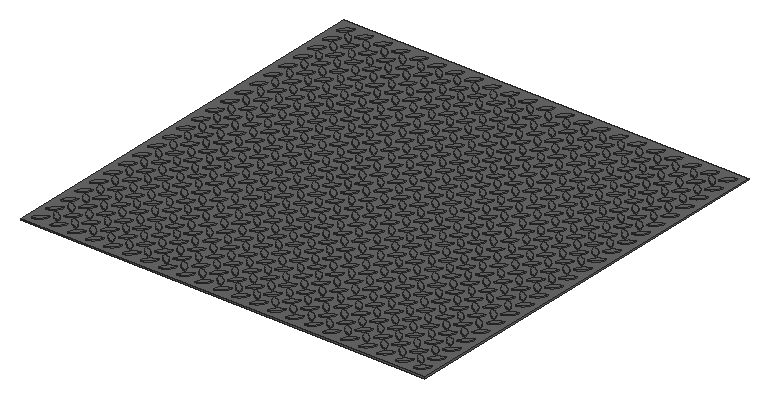
Revit family "141012021113804", category Modelos genéricos, Revit 2018 (continued)
Forms (mm)
  Blend 61, solid, material "Goma negro" <- "Material", detail levels fine
    base sketch origin (1413.494, -61.055, 0) x (-0.707107, -0.707107, 0) y (0.707107, -0.707107, 0)
      loop
        arc (792.83, -324.327) -> (793.684, -324.773) -> (794.539, -324.327) r 1.041
        arc (794.539, -324.327) -> (799.889, -307.273) -> (794.539, -290.22) r 29.852
        arc (794.539, -290.22) -> (793.684, -289.773) -> (792.83, -290.22) r 1.041
    top sketch origin (1413.494, -61.055, 0) x (-0.707107, -0.707107, 0) y (0.707107, -0.707107, 0)
      loop
        arc (792.83, -290.22) -> (787.479, -307.273) -> (792.83, -324.327) r 29.852
        arc (792.83, -324.327) -> (793.684, -324.773) -> (794.539, -324.327) r 1.041
        arc (794.539, -324.327) -> (799.889, -307.273) -> (794.539, -290.22) r 29.852
        arc (794.539, -290.22) -> (793.684, -289.773) -> (792.83, -290.22) r 1.041
    from 0 to 1
  Blend 62, solid, material "Goma negro" <- "Material", detail levels fine
    base sketch origin (223.555, 350.994, 0) x (0.707107, -0.707107, 0) y (0.707107, 0.707107, 0)
      loop
        arc (792.83, -290.22) -> (787.479, -307.273) -> (792.83, -324.327) r 29.852
        arc (792.83, -324.327) -> (793.684, -324.773) -> (794.539, -324.327) r 1.041
        arc (794.539, -324.327) -> (799.889, -307.273) -> (794.539, -290.22) r 29.852
        arc (794.539, -290.22) -> (793.684, -289.773) -> (792.83, -290.22) r 1.041
    top sketch origin (223.555, 350.994, 0) x (0.707107, -0.707107, 0) y (0.707107, 0.707107, 0)
      loop
        arc (792.83, -290.22) -> (787.479, -307.273) -> (792.83, -324.327) r 29.852
        arc (792.83, -324.327) -> (793.684, -324.773) -> (794.539, -324.327) r 1.041
        arc (794.539, -324.327) -> (799.889, -307.273) -> (794.539, -290.22) r 29.852
        arc (794.539, -290.22) -> (793.684, -289.773) -> (792.83, -290.22) r 1.041
    from 0 to 1
  Blend 63, solid, material "Goma negro" <- "Material", detail levels fine
    base sketch origin (1368.494, -61.055, 0) x (-0.707107, -0.707107, 0) y (0.707107, -0.707107, 0)
      loop
        arc (792.83, -290.22) -> (787.479, -307.273) -> (792.83, -324.327) r 29.852
        arc (792.83, -324.327) -> (793.684, -324.773) -> (794.539, -324.327) r 1.041
        arc (794.539, -324.327) -> (799.889, -307.273) -> (794.539, -290.22) r 29.852
        arc (794.539, -290.22) -> (793.684, -289.773) -> (792.83, -290.22) r 1.041
    top sketch origin (1368.494, -61.055, 0) x (-0.707107, -0.707107, 0) y (0.707107, -0.707107, 0)
      loop
        arc (792.83, -290.22) -> (787.479, -307.273) -> (792.83, -324.327) r 29.852
        arc (792.83, -324.327) -> (793.684, -324.773) -> (794.539, -324.327) r 1.041
        arc (794.539, -324.327) -> (799.889, -307.273) -> (794.539, -290.22) r 29.852
        arc (794.539, -290.22) -> (793.684, -289.773) -> (792.83, -290.22) r 1.041
    from 0 to 1
  Blend 64, solid, material "Goma negro" <- "Material", detail levels fine
    base sketch origin (178.555, 350.994, 0) x (0.707107, -0.707107, 0) y (0.707107, 0.707107, 0)
      loop
        arc (792.83, -290.22) -> (787.479, -307.273) -> (792.83, -324.327) r 29.852
        arc (792.83, -324.327) -> (793.684, -324.773) -> (794.539, -324.327) r 1.041
        arc (794.539, -324.327) -> (799.889, -307.273) -> (794.539, -290.22) r 29.852
        arc (794.539, -290.22) -> (793.684, -289.773) -> (792.83, -290.22) r 1.041
    top sketch origin (178.555, 350.994, 0) x (0.707107, -0.707107, 0) y (0.707107, 0.707107, 0)
      loop
        arc (792.83, -290.22) -> (787.479, -307.273) -> (792.83, -324.327) r 29.852
        arc (792.83, -324.327) -> (793.684, -324.773) -> (794.539, -324.327) r 1.041
        arc (794.539, -324.327) -> (799.889, -307.273) -> (794.539, -290.22) r 29.852
        arc (794.539, -290.22) -> (793.684, -289.773) -> (792.83, -290.22) r 1.041
    from 0 to 1
  Blend 65, solid, material "Goma negro" <- "Material", detail levels fine
    base sketch origin (1323.494, -61.055, 0) x (-0.707107, -0.707107, 0) y (0.707107, -0.707107, 0)
      loop
        arc (792.83, -290.22) -> (787.479, -307.273) -> (792.83, -324.327) r 29.852
        arc (792.83, -324.327) -> (793.684, -324.773) -> (794.539, -324.327) r 1.041
        arc (794.539, -324.327) -> (799.889, -307.273) -> (794.539, -290.22) r 29.852
        arc (794.539, -290.22) -> (793.684, -289.773) -> (792.83, -290.22) r 1.041
    top sketch origin (1323.494, -61.055, 0) x (-0.707107, -0.707107, 0) y (0.707107, -0.707107, 0)
      loop
        arc (792.83, -290.22) -> (787.479, -307.273) -> (792.83, -324.327) r 29.852
        arc (792.83, -324.327) -> (793.684, -324.773) -> (794.539, -324.327) r 1.041
        arc (794.539, -324.327) -> (799.889, -307.273) -> (794.539, -290.22) r 29.852
        arc (794.539, -290.22) -> (793.684, -289.773) -> (792.83, -290.22) r 1.041
    from 0 to 1
  Blend 66, solid, material "Goma negro" <- "Material", detail levels fine
    base sketch origin (133.555, 350.994, 0) x (0.707107, -0.707107, 0) y (0.707107, 0.707107, 0)
      loop
        arc (792.83, -290.22) -> (787.479, -307.273) -> (792.83, -324.327) r 29.852
        arc (792.83, -324.327) -> (793.684, -324.773) -> (794.539, -324.327) r 1.041
        arc (794.539, -324.327) -> (799.889, -307.273) -> (794.539, -290.22) r 29.852
        arc (794.539, -290.22) -> (793.684, -289.773) -> (792.83, -290.22) r 1.041
    top sketch origin (133.555, 350.994, 0) x (0.707107, -0.707107, 0) y (0.707107, 0.707107, 0)
      loop
        arc (792.83, -290.22) -> (787.479, -307.273) -> (792.83, -324.327) r 29.852
        arc (792.83, -324.327) -> (793.684, -324.773) -> (794.539, -324.327) r 1.041
        arc (794.539, -324.327) -> (799.889, -307.273) -> (794.539, -290.22) r 29.852
        arc (794.539, -290.22) -> (793.684, -289.773) -> (792.83, -290.22) r 1.041
    from 0 to 1
  Blend 67, solid, material "Goma negro" <- "Material", detail levels fine
    base sketch origin (1278.494, -61.055, 0) x (-0.707107, -0.707107, 0) y (0.707107, -0.707107, 0)
      loop
        arc (792.83, -290.22) -> (787.479, -307.273) -> (792.83, -324.327) r 29.852
        arc (792.83, -324.327) -> (793.684, -324.773) -> (794.539, -324.327) r 1.041
        arc (794.539, -324.327) -> (799.889, -307.273) -> (794.539, -290.22) r 29.852
        arc (794.539, -290.22) -> (793.684, -289.773) -> (792.83, -290.22) r 1.041
    top sketch origin (1278.494, -61.055, 0) x (-0.707107, -0.707107, 0) y (0.707107, -0.707107, 0)
      loop
        arc (792.83, -290.22) -> (787.479, -307.273) -> (792.83, -324.327) r 29.852
        arc (792.83, -324.327) -> (793.684, -324.773) -> (794.539, -324.327) r 1.041
        arc (794.539, -324.327) -> (799.889, -307.273) -> (794.539, -290.22) r 29.852
        arc (794.539, -290.22) -> (793.684, -289.773) -> (792.83, -290.22) r 1.041
    from 0 to 1
  Blend 68, solid, material "Goma negro" <- "Material", detail levels fine
    base sketch origin (88.555, 350.994, 0) x (0.707107, -0.707107, 0) y (0.707107, 0.707107, 0)
      loop
        arc (792.83, -290.22) -> (787.479, -307.273) -> (792.83, -324.327) r 29.852
        arc (792.83, -324.327) -> (793.684, -324.773) -> (794.539, -324.327) r 1.041
        arc (794.539, -324.327) -> (799.889, -307.273) -> (794.539, -290.22) r 29.852
        arc (794.539, -290.22) -> (793.684, -289.773) -> (792.83, -290.22) r 1.041
    top sketch origin (88.555, 350.994, 0) x (0.707107, -0.707107, 0) y (0.707107, 0.707107, 0)
      loop
        arc (792.83, -290.22) -> (787.479, -307.273) -> (792.83, -324.327) r 29.852
        arc (792.83, -324.327) -> (793.684, -324.773) -> (794.539, -324.327) r 1.041
        arc (794.539, -324.327) -> (799.889, -307.273) -> (794.539, -290.22) r 29.852
        arc (794.539, -290.22) -> (793.684, -289.773) -> (792.83, -290.22) r 1.041
    from 0 to 1
  Blend 69, solid, material "Goma negro" <- "Material", detail levels fine
    base sketch origin (1233.494, -61.055, 0) x (-0.707107, -0.707107, 0) y (0.707107, -0.707107, 0)
      loop
        arc (792.83, -290.22) -> (787.479, -307.273) -> (792.83, -324.327) r 29.852
        arc (792.83, -324.327) -> (793.684, -324.773) -> (794.539, -324.327) r 1.041
        arc (794.539, -324.327) -> (799.889, -307.273) -> (794.539, -290.22) r 29.852
        arc (794.539, -290.22) -> (793.684, -289.773) -> (792.83, -290.22) r 1.041
    top sketch origin (1233.494, -61.055, 0) x (-0.707107, -0.707107, 0) y (0.707107, -0.707107, 0)
      loop
        arc (792.83, -290.22) -> (787.479, -307.273) -> (792.83, -324.327) r 29.852
        arc (792.83, -324.327) -> (793.684, -324.773) -> (794.539, -324.327) r 1.041
        arc (794.539, -324.327) -> (799.889, -307.273) -> (794.539, -290.22) r 29.852
        arc (794.539, -290.22) -> (793.684, -289.773) -> (792.83, -290.22) r 1.041
    from 0 to 1
  Blend 70, solid, material "Goma negro" <- "Material", detail levels fine
    base sketch origin (43.555, 350.994, 0) x (0.707107, -0.707107, 0) y (0.707107, 0.707107, 0)
      loop
        arc (792.83, -290.22) -> (787.479, -307.273) -> (792.83, -324.327) r 29.852
        arc (792.83, -324.327) -> (793.684, -324.773) -> (794.539, -324.327) r 1.041
        arc (794.539, -324.327) -> (799.889, -307.273) -> (794.539, -290.22) r 29.852
        arc (794.539, -290.22) -> (793.684, -289.773) -> (792.83, -290.22) r 1.041
    top sketch origin (43.555, 350.994, 0) x (0.707107, -0.707107, 0) y (0.707107, 0.707107, 0)
      loop
        arc (792.83, -290.22) -> (787.479, -307.273) -> (792.83, -324.327) r 29.852
        arc (792.83, -324.327) -> (793.684, -324.773) -> (794.539, -324.327) r 1.041
        arc (794.539, -324.327) -> (799.889, -307.273) -> (794.539, -290.22) r 29.852
        arc (794.539, -290.22) -> (793.684, -289.773) -> (792.83, -290.22) r 1.041
    from 0 to 1
  Blend 71, solid, material "Goma negro" <- "Material", detail levels fine
    base sketch origin (1188.494, -61.055, 0) x (-0.707107, -0.707107, 0) y (0.707107, -0.707107, 0)
      loop
        arc (792.83, -290.22) -> (787.479, -307.273) -> (792.83, -324.327) r 29.852
        arc (792.83, -324.327) -> (793.684, -324.773) -> (794.539, -324.327) r 1.041
        arc (794.539, -324.327) -> (799.889, -307.273) -> (794.539, -290.22) r 29.852
        arc (794.539, -290.22) -> (793.684, -289.773) -> (792.83, -290.22) r 1.041
    top sketch origin (1188.494, -61.055, 0) x (-0.707107, -0.707107, 0) y (0.707107, -0.707107, 0)
      loop
        arc (792.83, -290.22) -> (787.479, -307.273) -> (792.83, -324.327) r 29.852
        arc (792.83, -324.327) -> (793.684, -324.773) -> (794.539, -324.327) r 1.041
        arc (794.539, -324.327) -> (799.889, -307.273) -> (794.539, -290.22) r 29.852
        arc (794.539, -290.22) -> (793.684, -289.773) -> (792.83, -290.22) r 1.041
    from 0 to 1
  Blend 72, solid, material "Goma negro" <- "Material", detail levels fine
    base sketch origin (-1.445, 350.994, 0) x (0.707107, -0.707107, 0) y (0.707107, 0.707107, 0)
      loop
        arc (792.83, -290.22) -> (787.479, -307.273) -> (792.83, -324.327) r 29.852
        arc (792.83, -324.327) -> (793.684, -324.773) -> (794.539, -324.327) r 1.041
        arc (794.539, -324.327) -> (799.889, -307.273) -> (794.539, -290.22) r 29.852
        arc (794.539, -290.22) -> (793.684, -289.773) -> (792.83, -290.22) r 1.041
    top sketch origin (-1.445, 350.994, 0) x (0.707107, -0.707107, 0) y (0.707107, 0.707107, 0)
      loop
        arc (792.83, -290.22) -> (787.479, -307.273) -> (792.83, -324.327) r 29.852
        arc (792.83, -324.327) -> (793.684, -324.773) -> (794.539, -324.327) r 1.041
        arc (794.539, -324.327) -> (799.889, -307.273) -> (794.539, -290.22) r 29.852
        arc (794.539, -290.22) -> (793.684, -289.773) -> (792.83, -290.22) r 1.041
    from 0 to 1
  Blend 73, solid, material "Goma negro" <- "Material", detail levels fine
    base sketch origin (1143.494, -61.055, 0) x (-0.707107, -0.707107, 0) y (0.707107, -0.707107, 0)
      loop
        arc (792.83, -290.22) -> (787.479, -307.273) -> (792.83, -324.327) r 29.852
        arc (792.83, -324.327) -> (793.684, -324.773) -> (794.539, -324.327) r 1.041
        arc (794.539, -324.327) -> (799.889, -307.273) -> (794.539, -290.22) r 29.852
        arc (794.539, -290.22) -> (793.684, -289.773) -> (792.83, -290.22) r 1.041
    top sketch origin (1143.494, -61.055, 0) x (-0.707107, -0.707107, 0) y (0.707107, -0.707107, 0)
      loop
        arc (792.83, -290.22) -> (787.479, -307.273) -> (792.83, -324.327) r 29.852
        arc (792.83, -324.327) -> (793.684, -324.773) -> (794.539, -324.327) r 1.041
        arc (794.539, -324.327) -> (799.889, -307.273) -> (794.539, -290.22) r 29.852
        arc (794.539, -290.22) -> (793.684, -289.773) -> (792.83, -290.22) r 1.041
    from 0 to 1
  Blend 74, solid, material "Goma negro" <- "Material", detail levels fine
    base sketch origin (-46.445, 350.994, 0) x (0.707107, -0.707107, 0) y (0.707107, 0.707107, 0)
      loop
        arc (792.83, -290.22) -> (787.479, -307.273) -> (792.83, -324.327) r 29.852
        arc (792.83, -324.327) -> (793.684, -324.773) -> (794.539, -324.327) r 1.041
        arc (794.539, -324.327) -> (799.889, -307.273) -> (794.539, -290.22) r 29.852
        arc (794.539, -290.22) -> (793.684, -289.773) -> (792.83, -290.22) r 1.041
    top sketch origin (-46.445, 350.994, 0) x (0.707107, -0.707107, 0) y (0.707107, 0.707107, 0)
      loop
        arc (792.83, -290.22) -> (787.479, -307.273) -> (792.83, -324.327) r 29.852
        arc (792.83, -324.327) -> (793.684, -324.773) -> (794.539, -324.327) r 1.041
        arc (794.539, -324.327) -> (799.889, -307.273) -> (794.539, -290.22) r 29.852
        arc (794.539, -290.22) -> (793.684, -289.773) -> (792.83, -290.22) r 1.041
    from 0 to 1
  Blend 75, solid, material "Goma negro" <- "Material", detail levels fine
    base sketch origin (1098.494, -61.055, 0) x (-0.707107, -0.707107, 0) y (0.707107, -0.707107, 0)
      loop
        arc (792.83, -290.22) -> (787.479, -307.273) -> (792.83, -324.327) r 29.852
        arc (792.83, -324.327) -> (793.684, -324.773) -> (794.539, -324.327) r 1.041
        arc (794.539, -324.327) -> (799.889, -307.273) -> (794.539, -290.22) r 29.852
        arc (794.539, -290.22) -> (793.684, -289.773) -> (792.83, -290.22) r 1.041
    top sketch origin (1098.494, -61.055, 0) x (-0.707107, -0.707107, 0) y (0.707107, -0.707107, 0)
      loop
        arc (792.83, -290.22) -> (787.479, -307.273) -> (792.83, -324.327) r 29.852
        arc (792.83, -324.327) -> (793.684, -324.773) -> (794.539, -324.327) r 1.041
        arc (794.539, -324.327) -> (799.889, -307.273) -> (794.539, -290.22) r 29.852
        arc (794.539, -290.22) -> (793.684, -289.773) -> (792.83, -290.22) r 1.041
    from 0 to 1
  Blend 76, solid, material "Goma negro" <- "Material", detail levels fine
    base sketch origin (-91.445, 350.994, 0) x (0.707107, -0.707107, 0) y (0.707107, 0.707107, 0)
      loop
        arc (792.83, -290.22) -> (787.479, -307.273) -> (792.83, -324.327) r 29.852
        arc (792.83, -324.327) -> (793.684, -324.773) -> (794.539, -324.327) r 1.041
        arc (794.539, -324.327) -> (799.889, -307.273) -> (794.539, -290.22) r 29.852
        arc (794.539, -290.22) -> (793.684, -289.773) -> (792.83, -290.22) r 1.041
    top sketch origin (-91.445, 350.994, 0) x (0.707107, -0.707107, 0) y (0.707107, 0.707107, 0)
      loop
        arc (792.83, -290.22) -> (787.479, -307.273) -> (792.83, -324.327) r 29.852
        arc (792.83, -324.327) -> (793.684, -324.773) -> (794.539, -324.327) r 1.041
        arc (794.539, -324.327) -> (799.889, -307.273) -> (794.539, -290.22) r 29.852
        arc (794.539, -290.22) -> (793.684, -289.773) -> (792.83, -290.22) r 1.041
    from 0 to 1
  Blend 77, solid, material "Goma negro" <- "Material", detail levels fine
    base sketch origin (1053.494, -61.055, 0) x (-0.707107, -0.707107, 0) y (0.707107, -0.707107, 0)
      loop
        arc (792.83, -290.22) -> (787.479, -307.273) -> (792.83, -324.327) r 29.852
        arc (792.83, -324.327) -> (793.684, -324.773) -> (794.539, -324.327) r 1.041
        arc (794.539, -324.327) -> (799.889, -307.273) -> (794.539, -290.22) r 29.852
        arc (794.539, -290.22) -> (793.684, -289.773) -> (792.83, -290.22) r 1.041
    top sketch origin (1053.494, -61.055, 0) x (-0.707107, -0.707107, 0) y (0.707107, -0.707107, 0)
      loop
        arc (792.83, -290.22) -> (787.479, -307.273) -> (792.83, -324.327) r 29.852
        arc (792.83, -324.327) -> (793.684, -324.773) -> (794.539, -324.327) r 1.041
        arc (794.539, -324.327) -> (799.889, -307.273) -> (794.539, -290.22) r 29.852
        arc (794.539, -290.22) -> (793.684, -289.773) -> (792.83, -290.22) r 1.041
    from 0 to 1
  Blend 78, solid, material "Goma negro" <- "Material", detail levels fine
    base sketch origin (-136.445, 350.994, 0) x (0.707107, -0.707107, 0) y (0.707107, 0.707107, 0)
      loop
        arc (792.83, -290.22) -> (787.479, -307.273) -> (792.83, -324.327) r 29.852
        arc (792.83, -324.327) -> (793.684, -324.773) -> (794.539, -324.327) r 1.041
        arc (794.539, -324.327) -> (799.889, -307.273) -> (794.539, -290.22) r 29.852
        arc (794.539, -290.22) -> (793.684, -289.773) -> (792.83, -290.22) r 1.041
    top sketch origin (-136.445, 350.994, 0) x (0.707107, -0.707107, 0) y (0.707107, 0.707107, 0)
      loop
        arc (792.83, -290.22) -> (787.479, -307.273) -> (792.83, -324.327) r 29.852
        arc (792.83, -324.327) -> (793.684, -324.773) -> (794.539, -324.327) r 1.041
        arc (794.539, -324.327) -> (799.889, -307.273) -> (794.539, -290.22) r 29.852
        arc (794.539, -290.22) -> (793.684, -289.773) -> (792.83, -290.22) r 1.041
    from 0 to 1
  Blend 79, solid, material "Goma negro" <- "Material", detail levels fine
    base sketch origin (1008.494, -61.055, 0) x (-0.707107, -0.707107, 0) y (0.707107, -0.707107, 0)
      loop
        arc (792.83, -290.22) -> (787.479, -307.273) -> (792.83, -324.327) r 29.852
        arc (792.83, -324.327) -> (793.684, -324.773) -> (794.539, -324.327) r 1.041
        arc (794.539, -324.327) -> (799.889, -307.273) -> (794.539, -290.22) r 29.852
        arc (794.539, -290.22) -> (793.684, -289.773) -> (792.83, -290.22) r 1.041
    top sketch origin (1008.494, -61.055, 0) x (-0.707107, -0.707107, 0) y (0.707107, -0.707107, 0)
      loop
        arc (792.83, -290.22) -> (787.479, -307.273) -> (792.83, -324.327) r 29.852
        arc (792.83, -324.327) -> (793.684, -324.773) -> (794.539, -324.327) r 1.041
        arc (794.539, -324.327) -> (799.889, -307.273) -> (794.539, -290.22) r 29.852
        arc (794.539, -290.22) -> (793.684, -289.773) -> (792.83, -290.22) r 1.041
    from 0 to 1
  Blend 80, solid, material "Goma negro" <- "Material", detail levels fine
    base sketch origin (-181.445, 350.994, 0) x (0.707107, -0.707107, 0) y (0.707107, 0.707107, 0)
      loop
        arc (792.83, -290.22) -> (787.479, -307.273) -> (792.83, -324.327) r 29.852
        arc (792.83, -324.327) -> (793.684, -324.773) -> (794.539, -324.327) r 1.041
        arc (794.539, -324.327) -> (799.889, -307.273) -> (794.539, -290.22) r 29.852
        arc (794.539, -290.22) -> (793.684, -289.773) -> (792.83, -290.22) r 1.041
    top sketch origin (-181.445, 350.994, 0) x (0.707107, -0.707107, 0) y (0.707107, 0.707107, 0)
      loop
        arc (792.83, -290.22) -> (787.479, -307.273) -> (792.83, -324.327) r 29.852
        arc (792.83, -324.327) -> (793.684, -324.773) -> (794.539, -324.327) r 1.041
        arc (794.539, -324.327) -> (799.889, -307.273) -> (794.539, -290.22) r 29.852
        arc (794.539, -290.22) -> (793.684, -289.773) -> (792.83, -290.22) r 1.041
    from 0 to 1
  Blend 81, solid, material "Goma negro" <- "Material", detail levels fine
    base sketch origin (963.494, -61.055, 0) x (-0.707107, -0.707107, 0) y (0.707107, -0.707107, 0)
      loop
        arc (792.83, -290.22) -> (787.479, -307.273) -> (792.83, -324.327) r 29.852
        arc (792.83, -324.327) -> (793.684, -324.773) -> (794.539, -324.327) r 1.041
        arc (794.539, -324.327) -> (799.889, -307.273) -> (794.539, -290.22) r 29.852
        arc (794.539, -290.22) -> (793.684, -289.773) -> (792.83, -290.22) r 1.041
    top sketch origin (963.494, -61.055, 0) x (-0.707107, -0.707107, 0) y (0.707107, -0.707107, 0)
      loop
        arc (792.83, -290.22) -> (787.479, -307.273) -> (792.83, -324.327) r 29.852
        arc (792.83, -324.327) -> (793.684, -324.773) -> (794.539, -324.327) r 1.041
        arc (794.539, -324.327) -> (799.889, -307.273) -> (794.539, -290.22) r 29.852
        arc (794.539, -290.22) -> (793.684, -289.773) -> (792.83, -290.22) r 1.041
    from 0 to 1
  Blend 82, solid, material "Goma negro" <- "Material", detail levels fine
    base sketch origin (-226.445, 350.994, 0) x (0.707107, -0.707107, 0) y (0.707107, 0.707107, 0)
      loop
        arc (792.83, -290.22) -> (787.479, -307.273) -> (792.83, -324.327) r 29.852
        arc (792.83, -324.327) -> (793.684, -324.773) -> (794.539, -324.327) r 1.041
        arc (794.539, -324.327) -> (799.889, -307.273) -> (794.539, -290.22) r 29.852
        arc (794.539, -290.22) -> (793.684, -289.773) -> (792.83, -290.22) r 1.041
    top sketch origin (-226.445, 350.994, 0) x (0.707107, -0.707107, 0) y (0.707107, 0.707107, 0)
      loop
        arc (792.83, -290.22) -> (787.479, -307.273) -> (792.83, -324.327) r 29.852
        arc (792.83, -324.327) -> (793.684, -324.773) -> (794.539, -324.327) r 1.041
        arc (794.539, -324.327) -> (799.889, -307.273) -> (794.539, -290.22) r 29.852
        arc (794.539, -290.22) -> (793.684, -289.773) -> (792.83, -290.22) r 1.041
    from 0 to 1
  Blend 83, solid, material "Goma negro" <- "Material", detail levels fine
    base sketch origin (918.494, -61.055, 0) x (-0.707107, -0.707107, 0) y (0.707107, -0.707107, 0)
      loop
        arc (792.83, -290.22) -> (787.479, -307.273) -> (792.83, -324.327) r 29.852
        arc (792.83, -324.327) -> (793.684, -324.773) -> (794.539, -324.327) r 1.041
        arc (794.539, -324.327) -> (799.889, -307.273) -> (794.539, -290.22) r 29.852
        arc (794.539, -290.22) -> (793.684, -289.773) -> (792.83, -290.22) r 1.041
    top sketch origin (918.494, -61.055, 0) x (-0.707107, -0.707107, 0) y (0.707107, -0.707107, 0)
      loop
        arc (792.83, -290.22) -> (787.479, -307.273) -> (792.83, -324.327) r 29.852
        arc (792.83, -324.327) -> (793.684, -324.773) -> (794.539, -324.327) r 1.041
        arc (794.539, -324.327) -> (799.889, -307.273) -> (794.539, -290.22) r 29.852
        arc (794.539, -290.22) -> (793.684, -289.773) -> (792.83, -290.22) r 1.041
    from 0 to 1
  Blend 84, solid, material "Goma negro" <- "Material", detail levels fine
    base sketch origin (-271.445, 350.994, 0) x (0.707107, -0.707107, 0) y (0.707107, 0.707107, 0)
      loop
        arc (792.83, -290.22) -> (787.479, -307.273) -> (792.83, -324.327) r 29.852
        arc (792.83, -324.327) -> (793.684, -324.773) -> (794.539, -324.327) r 1.041
        arc (794.539, -324.327) -> (799.889, -307.273) -> (794.539, -290.22) r 29.852
        arc (794.539, -290.22) -> (793.684, -289.773) -> (792.83, -290.22) r 1.041
    top sketch origin (-271.445, 350.994, 0) x (0.707107, -0.707107, 0) y (0.707107, 0.707107, 0)
      loop
        arc (792.83, -290.22) -> (787.479, -307.273) -> (792.83, -324.327) r 29.852
        arc (792.83, -324.327) -> (793.684, -324.773) -> (794.539, -324.327) r 1.041
        arc (794.539, -324.327) -> (799.889, -307.273) -> (794.539, -290.22) r 29.852
        arc (794.539, -290.22) -> (793.684, -289.773) -> (792.83, -290.22) r 1.041
    from 0 to 1
  Blend 85, solid, material "Goma negro" <- "Material", detail levels fine
    base sketch origin (873.494, -61.055, 0) x (-0.707107, -0.707107, 0) y (0.707107, -0.707107, 0)
      loop
        arc (792.83, -290.22) -> (787.479, -307.273) -> (792.83, -324.327) r 29.852
        arc (792.83, -324.327) -> (793.684, -324.773) -> (794.539, -324.327) r 1.041
        arc (794.539, -324.327) -> (799.889, -307.273) -> (794.539, -290.22) r 29.852
        arc (794.539, -290.22) -> (793.684, -289.773) -> (792.83, -290.22) r 1.041
    top sketch origin (873.494, -61.055, 0) x (-0.707107, -0.707107, 0) y (0.707107, -0.707107, 0)
      loop
        arc (792.83, -290.22) -> (787.479, -307.273) -> (792.83, -324.327) r 29.852
        arc (792.83, -324.327) -> (793.684, -324.773) -> (794.539, -324.327) r 1.041
        arc (794.539, -324.327) -> (799.889, -307.273) -> (794.539, -290.22) r 29.852
        arc (794.539, -290.22) -> (793.684, -289.773) -> (792.83, -290.22) r 1.041
    from 0 to 1
  Blend 86, solid, material "Goma negro" <- "Material", detail levels fine
    base sketch origin (-316.445, 350.994, 0) x (0.707107, -0.707107, 0) y (0.707107, 0.707107, 0)
      loop
        arc (792.83, -290.22) -> (787.479, -307.273) -> (792.83, -324.327) r 29.852
        arc (792.83, -324.327) -> (793.684, -324.773) -> (794.539, -324.327) r 1.041
        arc (794.539, -324.327) -> (799.889, -307.273) -> (794.539, -290.22) r 29.852
        arc (794.539, -290.22) -> (793.684, -289.773) -> (792.83, -290.22) r 1.041
    top sketch origin (-316.445, 350.994, 0) x (0.707107, -0.707107, 0) y (0.707107, 0.707107, 0)
      loop
        arc (792.83, -290.22) -> (787.479, -307.273) -> (792.83, -324.327) r 29.852
        arc (792.83, -324.327) -> (793.684, -324.773) -> (794.539, -324.327) r 1.041
        arc (794.539, -324.327) -> (799.889, -307.273) -> (794.539, -290.22) r 29.852
        arc (794.539, -290.22) -> (793.684, -289.773) -> (792.83, -290.22) r 1.041
    from 0 to 1
  Blend 87, solid, material "Goma negro" <- "Material", detail levels fine
    base sketch origin (828.494, -61.055, 0) x (-0.707107, -0.707107, 0) y (0.707107, -0.707107, 0)
      loop
        arc (792.83, -290.22) -> (787.479, -307.273) -> (792.83, -324.327) r 29.852
        arc (792.83, -324.327) -> (793.684, -324.773) -> (794.539, -324.327) r 1.041
        arc (794.539, -324.327) -> (799.889, -307.273) -> (794.539, -290.22) r 29.852
        arc (794.539, -290.22) -> (793.684, -289.773) -> (792.83, -290.22) r 1.041
    top sketch origin (828.494, -61.055, 0) x (-0.707107, -0.707107, 0) y (0.707107, -0.707107, 0)
      loop
        arc (792.83, -290.22) -> (787.479, -307.273) -> (792.83, -324.327) r 29.852
        arc (792.83, -324.327) -> (793.684, -324.773) -> (794.539, -324.327) r 1.041
        arc (794.539, -324.327) -> (799.889, -307.273) -> (794.539, -290.22) r 29.852
        arc (794.539, -290.22) -> (793.684, -289.773) -> (792.83, -290.22) r 1.041
    from 0 to 1
  Blend 88, solid, material "Goma negro" <- "Material", detail levels fine
    base sketch origin (628.555, 395.994, 0) x (0.707107, -0.707107, 0) y (0.707107, 0.707107, 0)
      loop
        arc (792.83, -290.22) -> (787.479, -307.273) -> (792.83, -324.327) r 29.852
        arc (792.83, -324.327) -> (793.684, -324.773) -> (794.539, -324.327) r 1.041
        arc (794.539, -324.327) -> (799.889, -307.273) -> (794.539, -290.22) r 29.852
        arc (794.539, -290.22) -> (793.684, -289.773) -> (792.83, -290.22) r 1.041
    top sketch origin (628.555, 395.994, 0) x (0.707107, -0.707107, 0) y (0.707107, 0.707107, 0)
      loop
        arc (792.83, -290.22) -> (787.479, -307.273) -> (792.83, -324.327) r 29.852
        arc (792.83, -324.327) -> (793.684, -324.773) -> (794.539, -324.327) r 1.041
        arc (794.539, -324.327) -> (799.889, -307.273) -> (794.539, -290.22) r 29.852
        arc (794.539, -290.22) -> (793.684, -289.773) -> (792.83, -290.22) r 1.041
    from 0 to 1
  Blend 89, solid, material "Goma negro" <- "Material", detail levels fine
    base sketch origin (583.555, 395.994, 0) x (0.707107, -0.707107, 0) y (0.707107, 0.707107, 0)
      loop
        arc (792.83, -290.22) -> (787.479, -307.273) -> (792.83, -324.327) r 29.852
        arc (792.83, -324.327) -> (793.684, -324.773) -> (794.539, -324.327) r 1.041
        arc (794.539, -324.327) -> (799.889, -307.273) -> (794.539, -290.22) r 29.852
        arc (794.539, -290.22) -> (793.684, -289.773) -> (792.83, -290.22) r 1.041
    top sketch origin (583.555, 395.994, 0) x (0.707107, -0.707107, 0) y (0.707107, 0.707107, 0)
      loop
        arc (792.83, -290.22) -> (787.479, -307.273) -> (792.83, -324.327) r 29.852
        arc (792.83, -324.327) -> (793.684, -324.773) -> (794.539, -324.327) r 1.041
        arc (794.539, -324.327) -> (799.889, -307.273) -> (794.539, -290.22) r 29.852
        arc (794.539, -290.22) -> (793.684, -289.773) -> (792.83, -290.22) r 1.041
    from 0 to 1
  Blend 90, solid, material "Goma negro" <- "Material", detail levels fine
    base sketch origin (1728.494, -16.055, 0) x (-0.707107, -0.707107, 0) y (0.707107, -0.707107, 0)
      loop
        arc (792.83, -290.22) -> (787.479, -307.273) -> (792.83, -324.327) r 29.852
        arc (792.83, -324.327) -> (793.684, -324.773) -> (794.539, -324.327) r 1.041
        arc (794.539, -324.327) -> (799.889, -307.273) -> (794.539, -290.22) r 29.852
        arc (794.539, -290.22) -> (793.684, -289.773) -> (792.83, -290.22) r 1.041
    top sketch origin (1728.494, -16.055, 0) x (-0.707107, -0.707107, 0) y (0.707107, -0.707107, 0)
      loop
        arc (792.83, -290.22) -> (787.479, -307.273) -> (792.83, -324.327) r 29.852
        arc (792.83, -324.327) -> (793.684, -324.773) -> (794.539, -324.327) r 1.041
        arc (794.539, -324.327) -> (799.889, -307.273) -> (794.539, -290.22) r 29.852
        arc (794.539, -290.22) -> (793.684, -289.773) -> (792.83, -290.22) r 1.041
    from 0 to 1
  Blend 91, solid, material "Goma negro" <- "Material", detail levels fine
    base sketch origin (538.555, 395.994, 0) x (0.707107, -0.707107, 0) y (0.707107, 0.707107, 0)
      loop
        arc (792.83, -290.22) -> (787.479, -307.273) -> (792.83, -324.327) r 29.852
        arc (792.83, -324.327) -> (793.684, -324.773) -> (794.539, -324.327) r 1.041
        arc (794.539, -324.327) -> (799.889, -307.273) -> (794.539, -290.22) r 29.852
        arc (794.539, -290.22) -> (793.684, -289.773) -> (792.83, -290.22) r 1.041
    top sketch origin (538.555, 395.994, 0) x (0.707107, -0.707107, 0) y (0.707107, 0.707107, 0)
      loop
        arc (792.83, -290.22) -> (787.479, -307.273) -> (792.83, -324.327) r 29.852
        arc (792.83, -324.327) -> (793.684, -324.773) -> (794.539, -324.327) r 1.041
        arc (794.539, -324.327) -> (799.889, -307.273) -> (794.539, -290.22) r 29.852
        arc (794.539, -290.22) -> (793.684, -289.773) -> (792.83, -290.22) r 1.041
    from 0 to 1
  Blend 92, solid, material "Goma negro" <- "Material", detail levels fine
    base sketch origin (1683.494, -16.055, 0) x (-0.707107, -0.707107, 0) y (0.707107, -0.707107, 0)
      loop
        arc (792.83, -290.22) -> (787.479, -307.273) -> (792.83, -324.327) r 29.852
        arc (792.83, -324.327) -> (793.684, -324.773) -> (794.539, -324.327) r 1.041
        arc (794.539, -324.327) -> (799.889, -307.273) -> (794.539, -290.22) r 29.852
        arc (794.539, -290.22) -> (793.684, -289.773) -> (792.83, -290.22) r 1.041
    top sketch origin (1683.494, -16.055, 0) x (-0.707107, -0.707107, 0) y (0.707107, -0.707107, 0)
      loop
        arc (792.83, -290.22) -> (787.479, -307.273) -> (792.83, -324.327) r 29.852
        arc (792.83, -324.327) -> (793.684, -324.773) -> (794.539, -324.327) r 1.041
        arc (794.539, -324.327) -> (799.889, -307.273) -> (794.539, -290.22) r 29.852
        arc (794.539, -290.22) -> (793.684, -289.773) -> (792.83, -290.22) r 1.041
    from 0 to 1
  Blend 93, solid, material "Goma negro" <- "Material", detail levels fine
    base sketch origin (493.555, 395.994, 0) x (0.707107, -0.707107, 0) y (0.707107, 0.707107, 0)
      loop
        arc (792.83, -290.22) -> (787.479, -307.273) -> (792.83, -324.327) r 29.852
        arc (792.83, -324.327) -> (793.684, -324.773) -> (794.539, -324.327) r 1.041
        arc (794.539, -324.327) -> (799.889, -307.273) -> (794.539, -290.22) r 29.852
        arc (794.539, -290.22) -> (793.684, -289.773) -> (792.83, -290.22) r 1.041
    top sketch origin (493.555, 395.994, 0) x (0.707107, -0.707107, 0) y (0.707107, 0.707107, 0)
      loop
        arc (792.83, -290.22) -> (787.479, -307.273) -> (792.83, -324.327) r 29.852
        arc (792.83, -324.327) -> (793.684, -324.773) -> (794.539, -324.327) r 1.041
        arc (794.539, -324.327) -> (799.889, -307.273) -> (794.539, -290.22) r 29.852
        arc (794.539, -290.22) -> (793.684, -289.773) -> (792.83, -290.22) r 1.041
    from 0 to 1
  Blend 94, solid, material "Goma negro" <- "Material", detail levels fine
    base sketch origin (1638.494, -16.055, 0) x (-0.707107, -0.707107, 0) y (0.707107, -0.707107, 0)
      loop
        arc (792.83, -290.22) -> (787.479, -307.273) -> (792.83, -324.327) r 29.852
        arc (792.83, -324.327) -> (793.684, -324.773) -> (794.539, -324.327) r 1.041
        arc (794.539, -324.327) -> (799.889, -307.273) -> (794.539, -290.22) r 29.852
        arc (794.539, -290.22) -> (793.684, -289.773) -> (792.83, -290.22) r 1.041
    top sketch origin (1638.494, -16.055, 0) x (-0.707107, -0.707107, 0) y (0.707107, -0.707107, 0)
      loop
        arc (792.83, -290.22) -> (787.479, -307.273) -> (792.83, -324.327) r 29.852
        arc (792.83, -324.327) -> (793.684, -324.773) -> (794.539, -324.327) r 1.041
        arc (794.539, -324.327) -> (799.889, -307.273) -> (794.539, -290.22) r 29.852
        arc (794.539, -290.22) -> (793.684, -289.773) -> (792.83, -290.22) r 1.041
    from 0 to 1
  Blend 95, solid, material "Goma negro" <- "Material", detail levels fine
    base sketch origin (448.555, 395.994, 0) x (0.707107, -0.707107, 0) y (0.707107, 0.707107, 0)
      loop
        arc (792.83, -290.22) -> (787.479, -307.273) -> (792.83, -324.327) r 29.852
        arc (792.83, -324.327) -> (793.684, -324.773) -> (794.539, -324.327) r 1.041
        arc (794.539, -324.327) -> (799.889, -307.273) -> (794.539, -290.22) r 29.852
        arc (794.539, -290.22) -> (793.684, -289.773) -> (792.83, -290.22) r 1.041
    top sketch origin (448.555, 395.994, 0) x (0.707107, -0.707107, 0) y (0.707107, 0.707107, 0)
      loop
        arc (792.83, -290.22) -> (787.479, -307.273) -> (792.83, -324.327) r 29.852
        arc (792.83, -324.327) -> (793.684, -324.773) -> (794.539, -324.327) r 1.041
        arc (794.539, -324.327) -> (799.889, -307.273) -> (794.539, -290.22) r 29.852
        arc (794.539, -290.22) -> (793.684, -289.773) -> (792.83, -290.22) r 1.041
    from 0 to 1
  Blend 96, solid, material "Goma negro" <- "Material", detail levels fine
    base sketch origin (1593.494, -16.055, 0) x (-0.707107, -0.707107, 0) y (0.707107, -0.707107, 0)
      loop
        arc (792.83, -290.22) -> (787.479, -307.273) -> (792.83, -324.327) r 29.852
        arc (792.83, -324.327) -> (793.684, -324.773) -> (794.539, -324.327) r 1.041
        arc (794.539, -324.327) -> (799.889, -307.273) -> (794.539, -290.22) r 29.852
        arc (794.539, -290.22) -> (793.684, -289.773) -> (792.83, -290.22) r 1.041
    top sketch origin (1593.494, -16.055, 0) x (-0.707107, -0.707107, 0) y (0.707107, -0.707107, 0)
      loop
        arc (792.83, -290.22) -> (787.479, -307.273) -> (792.83, -324.327) r 29.852
        arc (792.83, -324.327) -> (793.684, -324.773) -> (794.539, -324.327) r 1.041
        arc (794.539, -324.327) -> (799.889, -307.273) -> (794.539, -290.22) r 29.852
        arc (794.539, -290.22) -> (793.684, -289.773) -> (792.83, -290.22) r 1.041
    from 0 to 1
  Blend 97, solid, material "Goma negro" <- "Material", detail levels fine
    base sketch origin (403.555, 395.994, 0) x (0.707107, -0.707107, 0) y (0.707107, 0.707107, 0)
      loop
        arc (792.83, -290.22) -> (787.479, -307.273) -> (792.83, -324.327) r 29.852
        arc (792.83, -324.327) -> (793.684, -324.773) -> (794.539, -324.327) r 1.041
        arc (794.539, -324.327) -> (799.889, -307.273) -> (794.539, -290.22) r 29.852
        arc (794.539, -290.22) -> (793.684, -289.773) -> (792.83, -290.22) r 1.041
    top sketch origin (403.555, 395.994, 0) x (0.707107, -0.707107, 0) y (0.707107, 0.707107, 0)
      loop
        arc (792.83, -290.22) -> (787.479, -307.273) -> (792.83, -324.327) r 29.852
        arc (792.83, -324.327) -> (793.684, -324.773) -> (794.539, -324.327) r 1.041
        arc (794.539, -324.327) -> (799.889, -307.273) -> (794.539, -290.22) r 29.852
        arc (794.539, -290.22) -> (793.684, -289.773) -> (792.83, -290.22) r 1.041
    from 0 to 1
  Blend 98, solid, material "Goma negro" <- "Material", detail levels fine
    base sketch origin (1548.494, -16.055, 0) x (-0.707107, -0.707107, 0) y (0.707107, -0.707107, 0)
      loop
        arc (792.83, -290.22) -> (787.479, -307.273) -> (792.83, -324.327) r 29.852
        arc (792.83, -324.327) -> (793.684, -324.773) -> (794.539, -324.327) r 1.041
        arc (794.539, -324.327) -> (799.889, -307.273) -> (794.539, -290.22) r 29.852
        arc (794.539, -290.22) -> (793.684, -289.773) -> (792.83, -290.22) r 1.041
    top sketch origin (1548.494, -16.055, 0) x (-0.707107, -0.707107, 0) y (0.707107, -0.707107, 0)
      loop
        arc (792.83, -290.22) -> (787.479, -307.273) -> (792.83, -324.327) r 29.852
        arc (792.83, -324.327) -> (793.684, -324.773) -> (794.539, -324.327) r 1.041
        arc (794.539, -324.327) -> (799.889, -307.273) -> (794.539, -290.22) r 29.852
        arc (794.539, -290.22) -> (793.684, -289.773) -> (792.83, -290.22) r 1.041
    from 0 to 1
  Blend 99, solid, material "Goma negro" <- "Material", detail levels fine
    base sketch origin (358.555, 395.994, 0) x (0.707107, -0.707107, 0) y (0.707107, 0.707107, 0)
      loop
        arc (792.83, -290.22) -> (787.479, -307.273) -> (792.83, -324.327) r 29.852
        arc (792.83, -324.327) -> (793.684, -324.773) -> (794.539, -324.327) r 1.041
        arc (794.539, -324.327) -> (799.889, -307.273) -> (794.539, -290.22) r 29.852
        arc (794.539, -290.22) -> (793.684, -289.773) -> (792.83, -290.22) r 1.041
    top sketch origin (358.555, 395.994, 0) x (0.707107, -0.707107, 0) y (0.707107, 0.707107, 0)
      loop
        arc (792.83, -290.22) -> (787.479, -307.273) -> (792.83, -324.327) r 29.852
        arc (792.83, -324.327) -> (793.684, -324.773) -> (794.539, -324.327) r 1.041
        arc (794.539, -324.327) -> (799.889, -307.273) -> (794.539, -290.22) r 29.852
        arc (794.539, -290.22) -> (793.684, -289.773) -> (792.83, -290.22) r 1.041
    from 0 to 1
  Blend 100, solid, material "Goma negro" <- "Material", detail levels fine
    base sketch origin (1503.494, -16.055, 0) x (-0.707107, -0.707107, 0) y (0.707107, -0.707107, 0)
      loop
        arc (792.83, -290.22) -> (787.479, -307.273) -> (792.83, -324.327) r 29.852
        arc (792.83, -324.327) -> (793.684, -324.773) -> (794.539, -324.327) r 1.041
        arc (794.539, -324.327) -> (799.889, -307.273) -> (794.539, -290.22) r 29.852
        arc (794.539, -290.22) -> (793.684, -289.773) -> (792.83, -290.22) r 1.041
    top sketch origin (1503.494, -16.055, 0) x (-0.707107, -0.707107, 0) y (0.707107, -0.707107, 0)
      loop
        arc (792.83, -290.22) -> (787.479, -307.273) -> (792.83, -324.327) r 29.852
        arc (792.83, -324.327) -> (793.684, -324.773) -> (794.539, -324.327) r 1.041
        arc (794.539, -324.327) -> (799.889, -307.273) -> (794.539, -290.22) r 29.852
        arc (794.539, -290.22) -> (793.684, -289.773) -> (792.83, -290.22) r 1.041
    from 0 to 1
  Blend 101, solid, material "Goma negro" <- "Material", detail levels fine
    base sketch origin (313.555, 395.994, 0) x (0.707107, -0.707107, 0) y (0.707107, 0.707107, 0)
      loop
        arc (792.83, -290.22) -> (787.479, -307.273) -> (792.83, -324.327) r 29.852
        arc (792.83, -324.327) -> (793.684, -324.773) -> (794.539, -324.327) r 1.041
        arc (794.539, -324.327) -> (799.889, -307.273) -> (794.539, -290.22) r 29.852
        arc (794.539, -290.22) -> (793.684, -289.773) -> (792.83, -290.22) r 1.041
    top sketch origin (313.555, 395.994, 0) x (0.707107, -0.707107, 0) y (0.707107, 0.707107, 0)
      loop
        arc (792.83, -290.22) -> (787.479, -307.273) -> (792.83, -324.327) r 29.852
        arc (792.83, -324.327) -> (793.684, -324.773) -> (794.539, -324.327) r 1.041
        arc (794.539, -324.327) -> (799.889, -307.273) -> (794.539, -290.22) r 29.852
        arc (794.539, -290.22) -> (793.684, -289.773) -> (792.83, -290.22) r 1.041
    from 0 to 1
  Blend 102, solid, material "Goma negro" <- "Material", detail levels fine
    base sketch origin (1458.494, -16.055, 0) x (-0.707107, -0.707107, 0) y (0.707107, -0.707107, 0)
      loop
        arc (792.83, -290.22) -> (787.479, -307.273) -> (792.83, -324.327) r 29.852
        arc (792.83, -324.327) -> (793.684, -324.773) -> (794.539, -324.327) r 1.041
        arc (794.539, -324.327) -> (799.889, -307.273) -> (794.539, -290.22) r 29.852
        arc (794.539, -290.22) -> (793.684, -289.773) -> (792.83, -290.22) r 1.041
    top sketch origin (1458.494, -16.055, 0) x (-0.707107, -0.707107, 0) y (0.707107, -0.707107, 0)
      loop
        arc (792.83, -290.22) -> (787.479, -307.273) -> (792.83, -324.327) r 29.852
        arc (792.83, -324.327) -> (793.684, -324.773) -> (794.539, -324.327) r 1.041
        arc (794.539, -324.327) -> (799.889, -307.273) -> (794.539, -290.22) r 29.852
        arc (794.539, -290.22) -> (793.684, -289.773) -> (792.83, -290.22) r 1.041
    from 0 to 1
  Blend 103, solid, material "Goma negro" <- "Material", detail levels fine
    base sketch origin (268.555, 395.994, 0) x (0.707107, -0.707107, 0) y (0.707107, 0.707107, 0)
      loop
        arc (792.83, -290.22) -> (787.479, -307.273) -> (792.83, -324.327) r 29.852
        arc (792.83, -324.327) -> (793.684, -324.773) -> (794.539, -324.327) r 1.041
        arc (794.539, -324.327) -> (799.889, -307.273) -> (794.539, -290.22) r 29.852
        arc (794.539, -290.22) -> (793.684, -289.773) -> (792.83, -290.22) r 1.041
    top sketch origin (268.555, 395.994, 0) x (0.707107, -0.707107, 0) y (0.707107, 0.707107, 0)
      loop
        arc (792.83, -290.22) -> (787.479, -307.273) -> (792.83, -324.327) r 29.852
        arc (792.83, -324.327) -> (793.684, -324.773) -> (794.539, -324.327) r 1.041
        arc (794.539, -324.327) -> (799.889, -307.273) -> (794.539, -290.22) r 29.852
        arc (794.539, -290.22) -> (793.684, -289.773) -> (792.83, -290.22) r 1.041
    from 0 to 1
  Blend 104, solid, material "Goma negro" <- "Material", detail levels fine
    base sketch origin (1413.494, -16.055, 0) x (-0.707107, -0.707107, 0) y (0.707107, -0.707107, 0)
      loop
        arc (792.83, -290.22) -> (787.479, -307.273) -> (792.83, -324.327) r 29.852
        arc (792.83, -324.327) -> (793.684, -324.773) -> (794.539, -324.327) r 1.041
        arc (794.539, -324.327) -> (799.889, -307.273) -> (794.539, -290.22) r 29.852
        arc (794.539, -290.22) -> (793.684, -289.773) -> (792.83, -290.22) r 1.041
    top sketch origin (1413.494, -16.055, 0) x (-0.707107, -0.707107, 0) y (0.707107, -0.707107, 0)
      loop
        arc (792.83, -290.22) -> (787.479, -307.273) -> (792.83, -324.327) r 29.852
        arc (792.83, -324.327) -> (793.684, -324.773) -> (794.539, -324.327) r 1.041
        arc (794.539, -324.327) -> (799.889, -307.273) -> (794.539, -290.22) r 29.852
        arc (794.539, -290.22) -> (793.684, -289.773) -> (792.83, -290.22) r 1.041
    from 0 to 1
  Blend 105, solid, material "Goma negro" <- "Material", detail levels fine
    base sketch origin (223.555, 395.994, 0) x (0.707107, -0.707107, 0) y (0.707107, 0.707107, 0)
      loop
        arc (792.83, -290.22) -> (787.479, -307.273) -> (792.83, -324.327) r 29.852
        arc (792.83, -324.327) -> (793.684, -324.773) -> (794.539, -324.327) r 1.041
        arc (794.539, -324.327) -> (799.889, -307.273) -> (794.539, -290.22) r 29.852
        arc (794.539, -290.22) -> (793.684, -289.773) -> (792.83, -290.22) r 1.041
    top sketch origin (223.555, 395.994, 0) x (0.707107, -0.707107, 0) y (0.707107, 0.707107, 0)
      loop
        arc (792.83, -290.22) -> (787.479, -307.273) -> (792.83, -324.327) r 29.852
        arc (792.83, -324.327) -> (793.684, -324.773) -> (794.539, -324.327) r 1.041
        arc (794.539, -324.327) -> (799.889, -307.273) -> (794.539, -290.22) r 29.852
        arc (794.539, -290.22) -> (793.684, -289.773) -> (792.83, -290.22) r 1.041
    from 0 to 1
  Blend 106, solid, material "Goma negro" <- "Material", detail levels fine
    base sketch origin (1368.494, -16.055, 0) x (-0.707107, -0.707107, 0) y (0.707107, -0.707107, 0)
      loop
        arc (792.83, -290.22) -> (787.479, -307.273) -> (792.83, -324.327) r 29.852
        arc (792.83, -324.327) -> (793.684, -324.773) -> (794.539, -324.327) r 1.041
        arc (794.539, -324.327) -> (799.889, -307.273) -> (794.539, -290.22) r 29.852
        arc (794.539, -290.22) -> (793.684, -289.773) -> (792.83, -290.22) r 1.041
    top sketch origin (1368.494, -16.055, 0) x (-0.707107, -0.707107, 0) y (0.707107, -0.707107, 0)
      loop
        arc (792.83, -290.22) -> (787.479, -307.273) -> (792.83, -324.327) r 29.852
        arc (792.83, -324.327) -> (793.684, -324.773) -> (794.539, -324.327) r 1.041
        arc (794.539, -324.327) -> (799.889, -307.273) -> (794.539, -290.22) r 29.852
        arc (794.539, -290.22) -> (793.684, -289.773) -> (792.83, -290.22) r 1.041
    from 0 to 1
  Blend 107, solid, material "Goma negro" <- "Material", detail levels fine
    base sketch origin (178.555, 395.994, 0) x (0.707107, -0.707107, 0) y (0.707107, 0.707107, 0)
      loop
        arc (792.83, -290.22) -> (787.479, -307.273) -> (792.83, -324.327) r 29.852
        arc (792.83, -324.327) -> (793.684, -324.773) -> (794.539, -324.327) r 1.041
        arc (794.539, -324.327) -> (799.889, -307.273) -> (794.539, -290.22) r 29.852
        arc (794.539, -290.22) -> (793.684, -289.773) -> (792.83, -290.22) r 1.041
    top sketch origin (178.555, 395.994, 0) x (0.707107, -0.707107, 0) y (0.707107, 0.707107, 0)
      loop
        arc (792.83, -290.22) -> (787.479, -307.273) -> (792.83, -324.327) r 29.852
        arc (792.83, -324.327) -> (793.684, -324.773) -> (794.539, -324.327) r 1.041
        arc (794.539, -324.327) -> (799.889, -307.273) -> (794.539, -290.22) r 29.852
        arc (794.539, -290.22) -> (793.684, -289.773) -> (792.83, -290.22) r 1.041
    from 0 to 1
  Blend 108, solid, material "Goma negro" <- "Material", detail levels fine
    base sketch origin (1323.494, -16.055, 0) x (-0.707107, -0.707107, 0) y (0.707107, -0.707107, 0)
      loop
        arc (792.83, -290.22) -> (787.479, -307.273) -> (792.83, -324.327) r 29.852
        arc (792.83, -324.327) -> (793.684, -324.773) -> (794.539, -324.327) r 1.041
        arc (794.539, -324.327) -> (799.889, -307.273) -> (794.539, -290.22) r 29.852
        arc (794.539, -290.22) -> (793.684, -289.773) -> (792.83, -290.22) r 1.041
    top sketch origin (1323.494, -16.055, 0) x (-0.707107, -0.707107, 0) y (0.707107, -0.707107, 0)
      loop
        arc (792.83, -290.22) -> (787.479, -307.273) -> (792.83, -324.327) r 29.852
        arc (792.83, -324.327) -> (793.684, -324.773) -> (794.539, -324.327) r 1.041
        arc (794.539, -324.327) -> (799.889, -307.273) -> (794.539, -290.22) r 29.852
        arc (794.539, -290.22) -> (793.684, -289.773) -> (792.83, -290.22) r 1.041
    from 0 to 1
  Blend 109, solid, material "Goma negro" <- "Material", detail levels fine
    base sketch origin (133.555, 395.994, 0) x (0.707107, -0.707107, 0) y (0.707107, 0.707107, 0)
      loop
        arc (792.83, -290.22) -> (787.479, -307.273) -> (792.83, -324.327) r 29.852
        arc (792.83, -324.327) -> (793.684, -324.773) -> (794.539, -324.327) r 1.041
        arc (794.539, -324.327) -> (799.889, -307.273) -> (794.539, -290.22) r 29.852
        arc (794.539, -290.22) -> (793.684, -289.773) -> (792.83, -290.22) r 1.041
    top sketch origin (133.555, 395.994, 0) x (0.707107, -0.707107, 0) y (0.707107, 0.707107, 0)
      loop
        arc (792.83, -290.22) -> (787.479, -307.273) -> (792.83, -324.327) r 29.852
        arc (792.83, -324.327) -> (793.684, -324.773) -> (794.539, -324.327) r 1.041
        arc (794.539, -324.327) -> (799.889, -307.273) -> (794.539, -290.22) r 29.852
        arc (794.539, -290.22) -> (793.684, -289.773) -> (792.83, -290.22) r 1.041
    from 0 to 1
  Blend 110, solid, material "Goma negro" <- "Material", detail levels fine
    base sketch origin (1278.494, -16.055, 0) x (-0.707107, -0.707107, 0) y (0.707107, -0.707107, 0)
      loop
        arc (792.83, -290.22) -> (787.479, -307.273) -> (792.83, -324.327) r 29.852
        arc (792.83, -324.327) -> (793.684, -324.773) -> (794.539, -324.327) r 1.041
        arc (794.539, -324.327) -> (799.889, -307.273) -> (794.539, -290.22) r 29.852
        arc (794.539, -290.22) -> (793.684, -289.773) -> (792.83, -290.22) r 1.041
    top sketch origin (1278.494, -16.055, 0) x (-0.707107, -0.707107, 0) y (0.707107, -0.707107, 0)
      loop
        arc (792.83, -290.22) -> (787.479, -307.273) -> (792.83, -324.327) r 29.852
        arc (792.83, -324.327) -> (793.684, -324.773) -> (794.539, -324.327) r 1.041
        arc (794.539, -324.327) -> (799.889, -307.273) -> (794.539, -290.22) r 29.852
        arc (794.539, -290.22) -> (793.684, -289.773) -> (792.83, -290.22) r 1.041
    from 0 to 1
  Blend 111, solid, material "Goma negro" <- "Material", detail levels fine
    base sketch origin (88.555, 395.994, 0) x (0.707107, -0.707107, 0) y (0.707107, 0.707107, 0)
      loop
        arc (792.83, -290.22) -> (787.479, -307.273) -> (792.83, -324.327) r 29.852
        arc (792.83, -324.327) -> (793.684, -324.773) -> (794.539, -324.327) r 1.041
        arc (794.539, -324.327) -> (799.889, -307.273) -> (794.539, -290.22) r 29.852
        arc (794.539, -290.22) -> (793.684, -289.773) -> (792.83, -290.22) r 1.041
    top sketch origin (88.555, 395.994, 0) x (0.707107, -0.707107, 0) y (0.707107, 0.707107, 0)
      loop
        arc (792.83, -290.22) -> (787.479, -307.273) -> (792.83, -324.327) r 29.852
        arc (792.83, -324.327) -> (793.684, -324.773) -> (794.539, -324.327) r 1.041
        arc (794.539, -324.327) -> (799.889, -307.273) -> (794.539, -290.22) r 29.852
        arc (794.539, -290.22) -> (793.684, -289.773) -> (792.83, -290.22) r 1.041
    from 0 to 1
  Blend 112, solid, material "Goma negro" <- "Material", detail levels fine
    base sketch origin (1233.494, -16.055, 0) x (-0.707107, -0.707107, 0) y (0.707107, -0.707107, 0)
      loop
        arc (792.83, -290.22) -> (787.479, -307.273) -> (792.83, -324.327) r 29.852
        arc (792.83, -324.327) -> (793.684, -324.773) -> (794.539, -324.327) r 1.041
        arc (794.539, -324.327) -> (799.889, -307.273) -> (794.539, -290.22) r 29.852
        arc (794.539, -290.22) -> (793.684, -289.773) -> (792.83, -290.22) r 1.041
    top sketch origin (1233.494, -16.055, 0) x (-0.707107, -0.707107, 0) y (0.707107, -0.707107, 0)
      loop
        arc (792.83, -290.22) -> (787.479, -307.273) -> (792.83, -324.327) r 29.852
        arc (792.83, -324.327) -> (793.684, -324.773) -> (794.539, -324.327) r 1.041
        arc (794.539, -324.327) -> (799.889, -307.273) -> (794.539, -290.22) r 29.852
        arc (794.539, -290.22) -> (793.684, -289.773) -> (792.83, -290.22) r 1.041
    from 0 to 1
  Blend 113, solid, material "Goma negro" <- "Material", detail levels fine
    base sketch origin (43.555, 395.994, 0) x (0.707107, -0.707107, 0) y (0.707107, 0.707107, 0)
      loop
        arc (792.83, -290.22) -> (787.479, -307.273) -> (792.83, -324.327) r 29.852
        arc (792.83, -324.327) -> (793.684, -324.773) -> (794.539, -324.327) r 1.041
        arc (794.539, -324.327) -> (799.889, -307.273) -> (794.539, -290.22) r 29.852
        arc (794.539, -290.22) -> (793.684, -289.773) -> (792.83, -290.22) r 1.041
    top sketch origin (43.555, 395.994, 0) x (0.707107, -0.707107, 0) y (0.707107, 0.707107, 0)
      loop
        arc (792.83, -290.22) -> (787.479, -307.273) -> (792.83, -324.327) r 29.852
        arc (792.83, -324.327) -> (793.684, -324.773) -> (794.539, -324.327) r 1.041
        arc (794.539, -324.327) -> (799.889, -307.273) -> (794.539, -290.22) r 29.852
        arc (794.539, -290.22) -> (793.684, -289.773) -> (792.83, -290.22) r 1.041
    from 0 to 1
  Blend 114, solid, material "Goma negro" <- "Material", detail levels fine
    base sketch origin (1188.494, -16.055, 0) x (-0.707107, -0.707107, 0) y (0.707107, -0.707107, 0)
      loop
        arc (792.83, -290.22) -> (787.479, -307.273) -> (792.83, -324.327) r 29.852
        arc (792.83, -324.327) -> (793.684, -324.773) -> (794.539, -324.327) r 1.041
        arc (794.539, -324.327) -> (799.889, -307.273) -> (794.539, -290.22) r 29.852
        arc (794.539, -290.22) -> (793.684, -289.773) -> (792.83, -290.22) r 1.041
    top sketch origin (1188.494, -16.055, 0) x (-0.707107, -0.707107, 0) y (0.707107, -0.707107, 0)
      loop
        arc (792.83, -290.22) -> (787.479, -307.273) -> (792.83, -324.327) r 29.852
        arc (792.83, -324.327) -> (793.684, -324.773) -> (794.539, -324.327) r 1.041
        arc (794.539, -324.327) -> (799.889, -307.273) -> (794.539, -290.22) r 29.852
        arc (794.539, -290.22) -> (793.684, -289.773) -> (792.83, -290.22) r 1.041
    from 0 to 1
  Blend 115, solid, material "Goma negro" <- "Material", detail levels fine
    base sketch origin (-1.445, 395.994, 0) x (0.707107, -0.707107, 0) y (0.707107, 0.707107, 0)
      loop
        arc (792.83, -290.22) -> (787.479, -307.273) -> (792.83, -324.327) r 29.852
        arc (792.83, -324.327) -> (793.684, -324.773) -> (794.539, -324.327) r 1.041
        arc (794.539, -324.327) -> (799.889, -307.273) -> (794.539, -290.22) r 29.852
        arc (794.539, -290.22) -> (793.684, -289.773) -> (792.83, -290.22) r 1.041
    top sketch origin (-1.445, 395.994, 0) x (0.707107, -0.707107, 0) y (0.707107, 0.707107, 0)
      loop
        arc (792.83, -290.22) -> (787.479, -307.273) -> (792.83, -324.327) r 29.852
        arc (792.83, -324.327) -> (793.684, -324.773) -> (794.539, -324.327) r 1.041
        arc (794.539, -324.327) -> (799.889, -307.273) -> (794.539, -290.22) r 29.852
        arc (794.539, -290.22) -> (793.684, -289.773) -> (792.83, -290.22) r 1.041
    from 0 to 1
  Blend 116, solid, material "Goma negro" <- "Material", detail levels fine
    base sketch origin (1143.494, -16.055, 0) x (-0.707107, -0.707107, 0) y (0.707107, -0.707107, 0)
      loop
        arc (792.83, -290.22) -> (787.479, -307.273) -> (792.83, -324.327) r 29.852
        arc (792.83, -324.327) -> (793.684, -324.773) -> (794.539, -324.327) r 1.041
        arc (794.539, -324.327) -> (799.889, -307.273) -> (794.539, -290.22) r 29.852
        arc (794.539, -290.22) -> (793.684, -289.773) -> (792.83, -290.22) r 1.041
    top sketch origin (1143.494, -16.055, 0) x (-0.707107, -0.707107, 0) y (0.707107, -0.707107, 0)
      loop
        arc (792.83, -290.22) -> (787.479, -307.273) -> (792.83, -324.327) r 29.852
        arc (792.83, -324.327) -> (793.684, -324.773) -> (794.539, -324.327) r 1.041
        arc (794.539, -324.327) -> (799.889, -307.273) -> (794.539, -290.22) r 29.852
        arc (794.539, -290.22) -> (793.684, -289.773) -> (792.83, -290.22) r 1.041
    from 0 to 1
  Blend 117, solid, material "Goma negro" <- "Material", detail levels fine
    base sketch origin (-46.445, 395.994, 0) x (0.707107, -0.707107, 0) y (0.707107, 0.707107, 0)
      loop
        arc (792.83, -290.22) -> (787.479, -307.273) -> (792.83, -324.327) r 29.852
        arc (792.83, -324.327) -> (793.684, -324.773) -> (794.539, -324.327) r 1.041
        arc (794.539, -324.327) -> (799.889, -307.273) -> (794.539, -290.22) r 29.852
        arc (794.539, -290.22) -> (793.684, -289.773) -> (792.83, -290.22) r 1.041
    top sketch origin (-46.445, 395.994, 0) x (0.707107, -0.707107, 0) y (0.707107, 0.707107, 0)
      loop
        arc (792.83, -290.22) -> (787.479, -307.273) -> (792.83, -324.327) r 29.852
        arc (792.83, -324.327) -> (793.684, -324.773) -> (794.539, -324.327) r 1.041
        arc (794.539, -324.327) -> (799.889, -307.273) -> (794.539, -290.22) r 29.852
        arc (794.539, -290.22) -> (793.684, -289.773) -> (792.83, -290.22) r 1.041
    from 0 to 1
  Blend 118, solid, material "Goma negro" <- "Material", detail levels fine
    base sketch origin (1098.494, -16.055, 0) x (-0.707107, -0.707107, 0) y (0.707107, -0.707107, 0)
      loop
        arc (792.83, -290.22) -> (787.479, -307.273) -> (792.83, -324.327) r 29.852
        arc (792.83, -324.327) -> (793.684, -324.773) -> (794.539, -324.327) r 1.041
        arc (794.539, -324.327) -> (799.889, -307.273) -> (794.539, -290.22) r 29.852
        arc (794.539, -290.22) -> (793.684, -289.773) -> (792.83, -290.22) r 1.041
    top sketch origin (1098.494, -16.055, 0) x (-0.707107, -0.707107, 0) y (0.707107, -0.707107, 0)
      loop
        arc (792.83, -290.22) -> (787.479, -307.273) -> (792.83, -324.327) r 29.852
        arc (792.83, -324.327) -> (793.684, -324.773) -> (794.539, -324.327) r 1.041
        arc (794.539, -324.327) -> (799.889, -307.273) -> (794.539, -290.22) r 29.852
        arc (794.539, -290.22) -> (793.684, -289.773) -> (792.83, -290.22) r 1.041
    from 0 to 1
  Blend 119, solid, material "Goma negro" <- "Material", detail levels fine
    base sketch origin (-91.445, 395.994, 0) x (0.707107, -0.707107, 0) y (0.707107, 0.707107, 0)
      loop
        arc (792.83, -290.22) -> (787.479, -307.273) -> (792.83, -324.327) r 29.852
        arc (792.83, -324.327) -> (793.684, -324.773) -> (794.539, -324.327) r 1.041
        arc (794.539, -324.327) -> (799.889, -307.273) -> (794.539, -290.22) r 29.852
        arc (794.539, -290.22) -> (793.684, -289.773) -> (792.83, -290.22) r 1.041
    top sketch origin (-91.445, 395.994, 0) x (0.707107, -0.707107, 0) y (0.707107, 0.707107, 0)
      loop
        arc (792.83, -290.22) -> (787.479, -307.273) -> (792.83, -324.327) r 29.852
        arc (792.83, -324.327) -> (793.684, -324.773) -> (794.539, -324.327) r 1.041
        arc (794.539, -324.327) -> (799.889, -307.273) -> (794.539, -290.22) r 29.852
        arc (794.539, -290.22) -> (793.684, -289.773) -> (792.83, -290.22) r 1.041
    from 0 to 1
  Blend 120, solid, material "Goma negro" <- "Material", detail levels fine
    base sketch origin (1053.494, -16.055, 0) x (-0.707107, -0.707107, 0) y (0.707107, -0.707107, 0)
      loop
        arc (792.83, -290.22) -> (787.479, -307.273) -> (792.83, -324.327) r 29.852
        arc (792.83, -324.327) -> (793.684, -324.773) -> (794.539, -324.327) r 1.041
        arc (794.539, -324.327) -> (799.889, -307.273) -> (794.539, -290.22) r 29.852
        arc (794.539, -290.22) -> (793.684, -289.773) -> (792.83, -290.22) r 1.041
    top sketch origin (1053.494, -16.055, 0) x (-0.707107, -0.707107, 0) y (0.707107, -0.707107, 0)
      loop
        arc (792.83, -290.22) -> (787.479, -307.273) -> (792.83, -324.327) r 29.852
        arc (792.83, -324.327) -> (793.684, -324.773) -> (794.539, -324.327) r 1.041
        arc (794.539, -324.327) -> (799.889, -307.273) -> (794.539, -290.22) r 29.852
        arc (794.539, -290.22) -> (793.684, -289.773) -> (792.83, -290.22) r 1.041
    from 0 to 1
  Blend 121, solid, material "Goma negro" <- "Material", detail levels fine
    base sketch origin (-136.445, 395.994, 0) x (0.707107, -0.707107, 0) y (0.707107, 0.707107, 0)
      loop
        arc (792.83, -290.22) -> (787.479, -307.273) -> (792.83, -324.327) r 29.852
        arc (792.83, -324.327) -> (793.684, -324.773) -> (794.539, -324.327) r 1.041
        arc (794.539, -324.327) -> (799.889, -307.273) -> (794.539, -290.22) r 29.852
        arc (794.539, -290.22) -> (793.684, -289.773) -> (792.83, -290.22) r 1.041
    top sketch origin (-136.445, 395.994, 0) x (0.707107, -0.707107, 0) y (0.707107, 0.707107, 0)
      loop
        arc (792.83, -290.22) -> (787.479, -307.273) -> (792.83, -324.327) r 29.852
        arc (792.83, -324.327) -> (793.684, -324.773) -> (794.539, -324.327) r 1.041
        arc (794.539, -324.327) -> (799.889, -307.273) -> (794.539, -290.22) r 29.852
        arc (794.539, -290.22) -> (793.684, -289.773) -> (792.83, -290.22) r 1.041
    from 0 to 1
  Blend 122, solid, material "Goma negro" <- "Material", detail levels fine
    base sketch origin (1008.494, -16.055, 0) x (-0.707107, -0.707107, 0) y (0.707107, -0.707107, 0)
      loop
        arc (792.83, -290.22) -> (787.479, -307.273) -> (792.83, -324.327) r 29.852
        arc (792.83, -324.327) -> (793.684, -324.773) -> (794.539, -324.327) r 1.041
